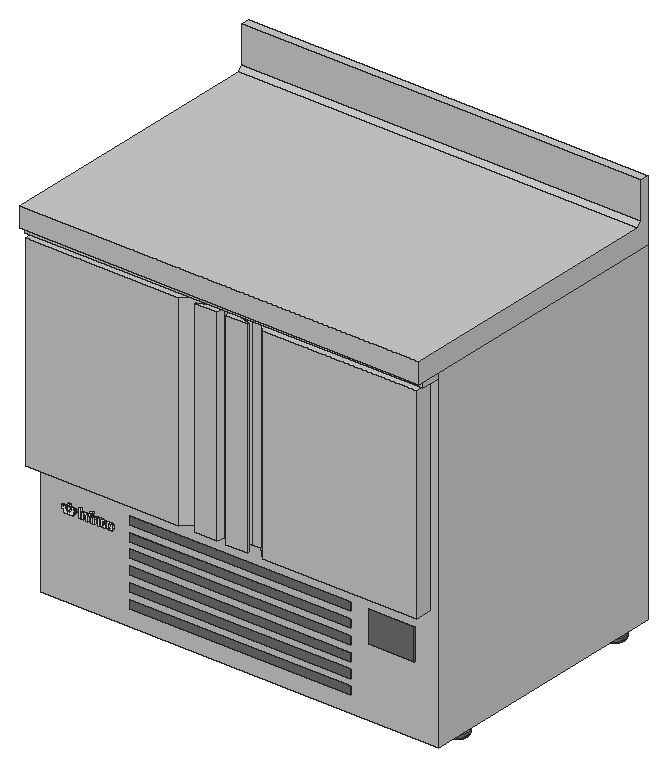
Revit family "QF_INFRICO_ME1000II_250812021229", category Specialty Equipment, Revit 2021
Family settings
  Round Connector Dimension = Use Diameter
  Part Type = Normal
  OmniClass Number = 23.40.40.14
  OmniClass Title = Food Service Equipment
  Work Plane-Based = No
  Always vertical = Yes
  Cut with Voids When Loaded = No
  Shared = No
  Room Calculation Point = No
Parameters (values of type "ME1000II-R290")
  Weight [instance] = 108.998 kg
  Waste Water Discharge Temperature [instance] = 0 °C
  Waste Remarks [instance] = ""
  Warranty Start Date [instance] = ""
  Warranty Duration [instance] = ""
  Volts [instance] = 230 V
  Volt Free Conn [instance] = no
  URL Recommended Spares List [instance] = ""
  URL Manufacturer [instance] = ""
  URL Cutsheet [instance] = ""
  URL Critical Spares List [instance] = ""
  URL = "www.infrico.com"
  Technical Documentation [instance] = ""
  Tag Number [instance] = ""
  Status [instance] = ""
  Start Up Current [instance] = 0 A
  Specification by User [instance] = ""
  Specification by Manufacturer [instance] = ""
  Sound Level [instance] = ""
  Show Logo [instance] = yes
  Show Clearances [instance] = yes
  Service Life Duration [instance] = ""
  Serial Number [instance] = ""
  Seismic Rating [instance] = ""
  SMACNA No [instance] = ""
  Revision Code [instance] = ""
  Revision [instance] = ""
  Production Year [instance] = ""
  Potential Equalisation [instance] = no
  Point Load [instance] = 0
  Plumbing Connection Type [instance] = ""
  Phase [instance] = 1
  Other Equipment Approvals [instance] = ""
  Operational Current [instance] = 0 A
  Number of Poles [instance] = 2
  No Load Power Draw [instance] = no
  NAFEM Spec ID Number [instance] = ""
  Model Warning [instance] = ""
  Model = "ME1000II"
  Min Ckt Ampacity [instance] = 0 A
  Max Overcurrent Protection [instance] = 0 A
  Masterspec [instance] = ""
  Manufacturer = "INFRICO"
  Main switch integrated [instance] = no
  Length Actual [instance] = 977.9 mm
  Item Number [instance] = ""
  Installed By [instance] = ""
  Installation Date [instance] = ""
  Indirect Waste Size [instance] = 19.05 mm
  Indirect Waste Remarks [instance] = ""
  Indirect Waste Flow [instance] = 0.0 L/s
  Indirect Waste Connection Type [instance] = ""
  Indirect Waste Connection Height [instance] = 0 mm
  Identify Quantity as Lot [instance] = no
  ID [instance] = ""
  Hygiene Approval [instance] = ""
  Height Actual [instance] = 884.936 mm
  HP power [instance] = ""
  Furnished By [instance] = ""
  Foodservice Equipment Identifier [instance] = no
  FL Amps [instance] = 0 A
  Electrical Remarks [instance] = ""
  Electric power [instance] = 320 W
  Electric Connection Type [instance] = ""
  Elec Conn RI Height [instance] = 0 mm
  Elec Conn Connection Height [instance] = 0 mm
  ETL Approved [instance] = no
  Direct Waste Water Discharge Temperature [instance] = -273.15 °C
  Direct Waste Size [instance] = 19.05 mm
  Direct Waste RI Height [instance] = 0 mm
  Direct Waste Flow [instance] = 0.0 L/s
  Direct Waste Connection Height [instance] = 0 mm
  Description = "GN1/1 SALAD PREP REFRIGERATOR TABLE 700 SERIES - R290 "
  Depth Actual [instance] = 700.024 mm
  Default Elevation = 0 mm
  Cycle [instance] = 50 Hz
  Cost = 0
  Connection to energy optimisation system [instance] = yes
  Conn Plug [instance] = ""
  Conn Conduit [instance] = no
  Centralized building control system with digital interface [instance] = ""
  CSI MasterFormat [instance] = ""
  CE Approved [instance] = no
  Barcode [instance] = 0
  Author [instance] = ""
  Asset Identifier [instance] = ""
  Apparent Power [instance] = 320 VA
  Accessory [instance] = no
Reference planes
  plane 1 "Center (Front/Back)": y = 0
  plane 2: z = 0
  plane 3 "Center (Left/Right)": x = 0
Forms (mm)
  Extrusion 1, solid, not visible
    sketch origin (487.024, -152.007, 302.015) x (1, 0, 0) y (0, 1, 0)
      loop
        line (-2, 2) -> (-2, -2) -> (2, -2) -> (2, 2) -> (-2, 2)
    from -2 to 2
  Extrusion 2, solid, not visible
    sketch origin (45.002, -152.007, 286.014) x (1, 0, 0) y (0, 1, 0)
      loop
        line (-2, 2) -> (-2, -2) -> (2, -2) -> (2, 2) -> (-2, 2)
    from -2 to 2
Dimensions and locks
  locked: Extrusion 1 to nested 2
  locked: nested 2 to Extrusion 1 at 2
  locked: Extrusion 2 to nested 3
  locked: nested 3 to Extrusion 2 at 2
  aligned and locked: level to plane 2
Nested families
  nested 1: "QF_INFRICO_ME1000II_2920" at (0, 0, 0), type "ME1000II-R290"
    with Weight 108.998 kg, Warranty Start Date "", Warranty Duration "", URL Cutsheet "", Technical Documentation "", Tag Number "", Status "", Specification by User "", Specification by Manufacturer "", Sound Level "", Solid Fuel Type "", Show Logo yes, Show Clearances yes, Show Clearance yes, Service Life Duration "", Serial Number "", Seismic Rating "", SMACNA No "", Revision Code "", Revision "", Production Year "", Point Load 0, Other Equipment Approvals "", NAFEM Spec ID Number "", Model Warning "", Masterspec "", Length Actual 977.9 mm, Item Number "", Installed By "", Installation Date "", Identify Quantity as Lot yes, ID "", Hygiene Approval "", Height Actual 884.936 mm, Furnished By "", Foodservice Equipment Identifier yes, ETL Approved yes, Depth Actual 700.024 mm, CSI MasterFormat "", CE Approved no, Barcode "", Author "", Asset Identifier "", Accessory no
  nested 2: "CONN_POINT_DRAIN_2D___Generic_Annotation" at (487.024, -150.007, 302.015), type "CONN_POINT_DRAIN_2D___Generic_Annotation"
    with Onboard connection annotation symbol visibility yes
  nested 3: "CONN_POINT_ELE_2D___Generic_Annotation" at (45.002, -150.007, 286.014), type "CONN_POINT_ELE_2D___Generic_Annotation"
    with Onboard connection annotation symbol visibility yes
  nested 4: "QF_INFRICO_ME_DOOR_SX_4498" at (10, -638, 324), type "ME_DOOR_SX"
    with Weight 0.00 kg, Warranty Start Date "", Warranty Duration "", URL Cutsheet "", Technical Documentation "", Tag Number "", Status "", Specification by User "", Specification by Manufacturer "", Sound Level "", Solid Fuel Type "", Show Logo yes, Show Clearances yes, Show Clearance yes, Service Life Duration "", Serial Number "", Seismic Rating "", SMACNA No "", Revision Code "", Revision "", Production Year "", Point Load 0, Other Equipment Approvals "", NAFEM Spec ID Number "", Model Warning "", Masterspec "", Length Actual 471.932 mm, Item Number "", Installed By "", Installation Date "", Identify Quantity as Lot yes, ID "", Hygiene Approval "", Height Actual 501.904 mm, Furnished By "", Foodservice Equipment Identifier yes, ETL Approved yes, Depth Actual 56.896 mm, CSI MasterFormat "", CE Approved no, Barcode "", Author "", Asset Identifier "", Accessory yes
  nested 5: "QF_INFRICO_ME_DOOR_DX_5276" at (496, -638, 324), type "ME_DOOR_DX"
    with Weight 0.00 kg, Warranty Start Date "", Warranty Duration "", URL Cutsheet "", Technical Documentation "", Tag Number "", Status "", Specification by User "", Specification by Manufacturer "", Sound Level "", Solid Fuel Type "", Show Logo yes, Show Clearances yes, Show Clearance yes, Service Life Duration "", Serial Number "", Seismic Rating "", SMACNA No "", Revision Code "", Revision "", Production Year "", Point Load 0, Other Equipment Approvals "", NAFEM Spec ID Number "", Model Warning "", Masterspec "", Length Actual 471.932 mm, Item Number "", Installed By "", Installation Date "", Identify Quantity as Lot yes, ID "", Hygiene Approval "", Height Actual 501.904 mm, Furnished By "", Foodservice Equipment Identifier yes, ETL Approved yes, Depth Actual 56.896 mm, CSI MasterFormat "", CE Approved no, Barcode "", Author "", Asset Identifier "", Accessory yes
  nested 6: "QF_INFRICO_WORKTOP_BACKSPLASH_6050" at (0, 0, 845), type "ENC12CPME10"
    with Weight 0.00 kg, Warranty Start Date "", Warranty Duration "", URL Cutsheet "", Technical Documentation "", Tag Number "", Status "", Specification by User "", Specification by Manufacturer "", Sound Level "", Solid Fuel Type "", Show Logo yes, Show Clearances yes, Show Clearance yes, Service Life Duration "", Serial Number "", Seismic Rating "", SMACNA No "", Revision Code "", Revision "", Production Year "", Point Load 0, Other Equipment Approvals "", NAFEM Spec ID Number "", Model Warning "", Masterspec "", Length Actual 977.9 mm, Item Number "", Installed By "", Installation Date "", Identify Quantity as Lot yes, ID "", Hygiene Approval "", Height Actual 150.114 mm, Furnished By "", Foodservice Equipment Identifier yes, ETL Approved yes, Depth Actual 700.024 mm, CSI MasterFormat "", CE Approved no, Barcode "", Author "", Asset Identifier "", Accessory yes
Connectors
  piping at (487.024, -150.007, 302.015), diameter 19.05, driven by "Indirect Waste Size", driven by "Direct Waste Flow"
    settings: on Extrusion 1, index 1, connector inside diameter 609.6 mm, connector length 0 mm, flow factor 0, pipe flow 0.0 L/s, pressure drop 0.0 Pa, fitting loss kfactor 0, connector angle 0.00°, fixture units 0, engagement length 0 mm, angle of deflection 0.00°, flow configuration 1, flow direction 2, fitting loss method 0, system type 16, joint type 0, gender type 0, connector reference index -1, connector utility 0, adjustable connector no, is connector primary yes, connector description "Waste connection for ME1000II"
  electrical at (45.002, -150.007, 286.014), driven by "Apparent Power", driven by "Number of Poles", driven by "Volts"
    settings: on Extrusion 2, index 2, voltage 230 V, apparent load 0 VA, apparent load phase1 320 VA, apparent load phase2 0 VA, apparent load phase3 0 VA, power factor 1, load classification "Other", number of poles 2, system type 31, power factor state 1, is connector primary yes, connector utility no, sub classification motor no, connector description "Electrical connection for ME1000II"
Definition of nested family "QF_INFRICO_ME1000II_2920"
  Parameters (values of type "ME1000II-R290")
    Weight [instance] = 0.00 kg
    Warranty Start Date [instance] = ""
    Warranty Duration [instance] = ""
    URL Cutsheet [instance] = ""
    URL = "www.infrico.com"
    Technical Documentation [instance] = ""
    Tag Number [instance] = ""
    Status [instance] = ""
    Specification by User [instance] = ""
    Specification by Manufacturer [instance] = ""
    Sound Level [instance] = ""
    Solid Fuel Type [instance] = ""
    Show Logo [instance] = yes
    Show Clearances [instance] = yes
    Show Clearance [instance] = yes
    Service Life Duration [instance] = ""
    Serial Number [instance] = ""
    Seismic Rating [instance] = ""
    SMACNA No [instance] = ""
    Revision Code [instance] = ""
    Revision [instance] = ""
    Production Year [instance] = ""
    Point Load [instance] = 0
    Other Equipment Approvals [instance] = ""
    NAFEM Spec ID Number [instance] = ""
    Model Warning [instance] = ""
    Model = "ME1000II"
    Masterspec [instance] = ""
    Manufacturer = "INFRICO"
    Length Actual [instance] = 0 mm
    Item Number [instance] = ""
    Installed By [instance] = ""
    Installation Date [instance] = ""
    Identify Quantity as Lot [instance] = yes
    ID [instance] = ""
    Hygiene Approval [instance] = ""
    Height Actual [instance] = 0 mm
    Furnished By [instance] = ""
    Foodservice Equipment Identifier [instance] = yes
    ETL Approved [instance] = yes
    Description = "GN1/1 SALAD PREP REFRIGERATOR TABLE 700 SERIES - R290"
    Depth Actual [instance] = 0 mm
    Default Elevation = 0 mm
    CSI MasterFormat [instance] = ""
    CE Approved [instance] = yes
    Barcode [instance] = ""
    Author [instance] = ""
    Asset Identifier [instance] = ""
    Assembly Code = "E1090320"
    Accessory [instance] = yes
  Types (2, lengths in mm): name | Description
    ME1000II | "GN1/1 SALAD PREP REFRIGERATOR TABLE 700 SERIES - R134A"
    ME1000II-R290 | "GN1/1 SALAD PREP REFRIGERATOR TABLE 700 SERIES - R290"
  Reference planes
    plane 1 "Back": y = 0
    plane 2: z = 0
    plane 3 "Left": x = 0
    plane 4 "Right": x = 978
    plane 5 "Front": y = -700
    plane 6 "Top": z = 845.01
  Forms (mm)
    Revolve 1, solid
      sketch origin (29, 0.5, 0) x (0, 1, 0) y (0, 0, 1)
        loop
          line (-65.51, 20.01) -> (-65.51, 0) -> (-45.51, 0)
          arc (-45.51, 0) -> (-41.974, 1.464) -> (-40.51, 5) r 5
          line (-40.51, 5) -> (-40.51, 10) -> (-50.51, 10) -> (-50.51, 15) -> (-60.51, 15) -> (-60.51, 20.01) -> (-65.51, 20.01)
        axis (-65.51, 20.01) -> (-65.51, 0)
      angle from 0 to 360
    Revolve 2, solid
      sketch origin (29, -479.5, 0) x (0, 1, 0) y (0, 0, 1)
        loop
          line (-65.51, 20.01) -> (-65.51, 0) -> (-45.51, 0)
          arc (-45.51, 0) -> (-41.974, 1.464) -> (-40.51, 5) r 5
          line (-40.51, 5) -> (-40.51, 10) -> (-50.51, 10) -> (-50.51, 15) -> (-60.51, 15) -> (-60.51, 20.01) -> (-65.51, 20.01)
        axis (-65.51, 20.01) -> (-65.51, 0)
      angle from 0 to 360
    Revolve 3, solid
      sketch origin (949, 0.5, 0) x (0, 1, 0) y (0, 0, 1)
        loop
          line (-65.51, 20.01) -> (-65.51, 0) -> (-45.51, 0)
          arc (-45.51, 0) -> (-41.974, 1.464) -> (-40.51, 5) r 5
          line (-40.51, 5) -> (-40.51, 10) -> (-50.51, 10) -> (-50.51, 15) -> (-60.51, 15) -> (-60.51, 20.01) -> (-65.51, 20.01)
        axis (-65.51, 20.01) -> (-65.51, 0)
      angle from 0 to 360
    Revolve 4, solid
      sketch origin (949, -479.5, 0) x (0, 1, 0) y (0, 0, 1)
        loop
          line (-65.51, 20.01) -> (-65.51, 0) -> (-45.51, 0)
          arc (-45.51, 0) -> (-41.974, 1.464) -> (-40.51, 5) r 5
          line (-40.51, 5) -> (-40.51, 10) -> (-50.51, 10) -> (-50.51, 15) -> (-60.51, 15) -> (-60.51, 20.01) -> (-65.51, 20.01)
        axis (-65.51, 20.01) -> (-65.51, 0)
      angle from 0 to 360
    Extrusion 5, solid
      sketch origin (-2000, -636.1, 1) x (1, 0, 0) y (0, 0, 1)
        loop
          line (2220, 263.01) -> (2220, 243.01) -> (2760, 243.01) -> (2760, 263.01) -> (2220, 263.01)
      from 0 to 2
    Extrusion 6, solid
      sketch origin (-2000, -636.1, -36) x (1, 0, 0) y (0, 0, 1)
        loop
          line (2220, 263.01) -> (2220, 243.01) -> (2760, 243.01) -> (2760, 263.01) -> (2220, 263.01)
      from 0 to 2
    Extrusion 7, solid
      sketch origin (-2000, -636.1, -73) x (1, 0, 0) y (0, 0, 1)
        loop
          line (2220, 263.01) -> (2220, 243.01) -> (2760, 243.01) -> (2760, 263.01) -> (2220, 263.01)
      from 0 to 2
    Extrusion 8, solid
      sketch origin (-2000, -636.1, -110) x (1, 0, 0) y (0, 0, 1)
        loop
          line (2220, 263.01) -> (2220, 243.01) -> (2760, 243.01) -> (2760, 263.01) -> (2220, 263.01)
      from 0 to 2
    Extrusion 9, solid
      sketch origin (-2000, -636.1, -147) x (1, 0, 0) y (0, 0, 1)
        loop
          line (2220, 263.01) -> (2220, 243.01) -> (2760, 243.01) -> (2760, 263.01) -> (2220, 263.01)
      from 0 to 2
    Extrusion 10, solid
      sketch origin (-2000, -636.1, -184) x (1, 0, 0) y (0, 0, 1)
        loop
          line (2220, 263.01) -> (2220, 243.01) -> (2760, 243.01) -> (2760, 263.01) -> (2220, 263.01)
      from 0 to 2
    Extrusion 11, solid
      sketch origin (-2000, -638, 1) x (1, 0, 0) y (0, 0, 1)
        loop
          line (2917.81, 187.81) -> (2917.81, 264.21) -> (2806.21, 264.21) -> (2806.21, 187.81) -> (2917.81, 187.81)
      from 0 to 2
    Extrusion 12, solid
      sketch origin (-2000, -1999.98, 1.1) x (0, 1, 0) y (0, 0, 1)
        loop
          line (1312.96, 842.41) -> (1312.96, 829.41) -> (1361.98, 829.41) -> (1361.98, 842.41) -> (1312.96, 842.41)
      from 2002 to 2976
    Extrusion 13, solid
      sketch origin (0, -140, 0) x (1, 0, 0) y (0, 0, 1)
        loop
          circle (45, 286) r 12.7
      from 0 to 10
    Extrusion 14, solid
      sketch origin (0, -140, 0) x (1, 0, 0) y (0, 0, 1)
        loop
          circle (487, 302) r 9.525
      from 0 to 10
    Extrusion 15, solid
      sketch origin (0, 0, 1) x (0, 1, 0) y (0, 0, 1)
        loop
          line (-638, 19.01) -> (0, 19.01) -> (0, 844.01) -> (-638, 844.01) -> (-638, 19.01)
      from 0 to 30
    Extrusion 16, solid
      sketch origin (978, 0, 1) x (0, 1, 0) y (0, 0, -1)
        loop
          line (-638, -19.01) -> (-638, -844.01) -> (0, -844.01) -> (0, -19.01) -> (-638, -19.01)
      from 0 to 30
    Extrusion 17, solid
      sketch origin (0, 0, 1) x (0, 1, 0) y (0, 0, 1)
        loop
          line (0, 844.01) -> (-30, 844.01) -> (-30, 349.01) -> (-180, 349.01) -> (-180, 49.01) -> (-608, 49.01) -> (-608, 19.01) -> (0, 19.01) -> (0, 49.01) -> (-150, 49.01) -> (-150, 319) -> (0, 319) -> (0, 844.01)
      from 30 to 948
    Extrusion 18, solid
      sketch origin (0, 0, 1) x (0, 1, 0) y (0, 0, 1)
        loop
          line (-638, 844.01) -> (-638, 19.01) -> (-608, 19.01) -> (-608, 844.01) -> (-638, 844.01)
      from 30 to 948
    Extrusion 19, void
      sketch origin (0, 0, -10) x (1, 0, 0) y (0, 0, 1)
        loop
          line (65, 390) -> (913, 390) -> (913, 790) -> (65, 790) -> (65, 390)
      from 608 to 638.1
    Extrusion 20, solid
      sketch origin (0, 0, -10) x (1, 0, 0) y (0, 0, 1)
        loop
          line (544, 390) -> (544, 790) -> (434, 790) -> (434, 390) -> (544, 390)
      from 628 to 638
    Extrusion 21, solid, visible <- "Show Logo"
      sketch origin (-1108.19, -638, -480.543) x (1, 0, 0) y (0, 0, 1)
        loop
          line (1208.799, 696.53) -> (1208.799, 719.204) -> (1204.173, 719.204) -> (1204.173, 696.53) -> (1208.799, 696.53)
        loop
          line (1214.779, 713.006) -> (1211.283, 713.006) -> (1211.283, 696.53) -> (1215.772, 696.53) -> (1215.772, 707.832)
          arc (1215.772, 707.832) -> (1217.528, 708.741) -> (1219.417, 709.324) r 11.052
          arc (1219.417, 709.324) -> (1220.929, 708.961) -> (1221.598, 707.557) r 1.806
          line (1221.598, 707.557) -> (1221.598, 696.53) -> (1226.121, 696.53) -> (1226.121, 708.689)
          arc (1226.121, 708.689) -> (1224.637, 712.075) -> (1221.141, 713.281) r 4.607
          arc (1221.141, 713.281) -> (1218.282, 712.674) -> (1215.669, 711.361) r 11.435
          line (1215.669, 711.361) -> (1215.601, 712.184)
          arc (1215.601, 712.184) -> (1215.36, 712.765) -> (1214.779, 713.006) r 0.822
        loop
          line (1238.557, 720.102) -> (1237.306, 720.102)
          arc (1237.306, 720.102) -> (1235.052, 719.926) -> (1232.881, 719.297) r 11.103
          arc (1232.881, 719.297) -> (1230.805, 717.616) -> (1230.024, 715.062) r 4.567
          line (1230.024, 715.062) -> (1230.024, 712.909) -> (1227.351, 712.703) -> (1227.351, 709.374) -> (1230.024, 709.374) -> (1230.024, 696.53) -> (1234.547, 696.53) -> (1234.547, 709.374) -> (1238.249, 709.374) -> (1238.249, 712.938) -> (1234.547, 712.938) -> (1234.547, 714.548)
          arc (1234.547, 714.548) -> (1234.956, 715.705) -> (1236.045, 716.271) r 1.67
          line (1236.045, 716.271) -> (1237.7, 716.399)
          arc (1237.7, 716.399) -> (1238.306, 716.65) -> (1238.557, 717.255) r 0.857
          line (1238.557, 717.255) -> (1238.557, 720.102)
        loop
          line (1239.479, 713.006) -> (1239.479, 696.53) -> (1243.968, 696.53) -> (1243.968, 707.352)
          arc (1243.968, 707.352) -> (1245.873, 708.631) -> (1248.077, 709.268) r 7.435
          line (1248.077, 709.268) -> (1249.241, 709.416)
          arc (1249.241, 709.416) -> (1249.643, 709.758) -> (1249.793, 710.265) r 0.928
          line (1249.793, 710.265) -> (1249.793, 712.458)
          arc (1249.793, 712.458) -> (1249.531, 713.061) -> (1248.912, 713.28) r 0.824
          arc (1248.912, 713.28) -> (1246.197, 712.588) -> (1243.899, 710.984) r 7.833
          line (1243.899, 710.984) -> (1243.726, 713.006) -> (1239.479, 713.006)
        loop
          line (1255.495, 696.53) -> (1255.495, 713.006) -> (1251.006, 713.006) -> (1251.006, 696.53) -> (1255.495, 696.53)
        loop
          arc (1257.421, 701.327) -> (1258.567, 698.188) -> (1261.466, 696.525) r 4.873
          arc (1261.466, 696.525) -> (1264.493, 696.266) -> (1267.521, 696.525) r 17.816
          arc (1267.521, 696.525) -> (1270.575, 699.134) -> (1271.505, 703.041) r 6.481
          line (1271.505, 703.041) -> (1267.187, 703.041) -> (1267.187, 701.67)
          arc (1267.187, 701.67) -> (1266.64, 700.452) -> (1265.442, 699.865) r 1.965
          arc (1265.442, 699.865) -> (1264.547, 699.816) -> (1263.653, 699.865) r 8.196
          arc (1263.653, 699.865) -> (1262.417, 700.415) -> (1261.91, 701.67) r 1.806
          line (1261.91, 701.67) -> (1261.91, 707.9)
          arc (1261.91, 707.9) -> (1262.417, 709.155) -> (1263.653, 709.705) r 1.806
          arc (1263.653, 709.705) -> (1264.547, 709.754) -> (1265.442, 709.705) r 8.196
          arc (1265.442, 709.705) -> (1266.64, 709.118) -> (1267.187, 707.9) r 1.965
          line (1267.187, 707.9) -> (1267.187, 706.838) -> (1271.505, 706.838)
          arc (1271.505, 706.838) -> (1270.524, 710.556) -> (1267.521, 712.959) r 6.132
          arc (1267.521, 712.959) -> (1264.493, 713.294) -> (1261.466, 712.959) r 13.851
          arc (1261.466, 712.959) -> (1258.571, 711.349) -> (1257.421, 708.243) r 4.772
          line (1257.421, 708.243) -> (1257.421, 701.327)
        loop
          arc (1272.916, 701.329) -> (1273.993, 698.345) -> (1276.726, 696.734) r 4.676
          arc (1276.726, 696.734) -> (1278.515, 696.455) -> (1280.318, 696.291) r 28.371
          arc (1280.318, 696.291) -> (1282.122, 696.455) -> (1283.911, 696.734) r 28.371
          arc (1283.911, 696.734) -> (1286.644, 698.345) -> (1287.72, 701.329) r 4.676
          line (1287.72, 701.329) -> (1287.72, 708.242)
          arc (1287.72, 708.242) -> (1286.644, 711.226) -> (1283.911, 712.837) r 4.676
          arc (1283.911, 712.837) -> (1282.122, 713.116) -> (1280.318, 713.28) r 28.371
          arc (1280.318, 713.28) -> (1278.515, 713.116) -> (1276.726, 712.837) r 28.371
          arc (1276.726, 712.837) -> (1273.993, 711.226) -> (1272.916, 708.242) r 4.676
          line (1272.916, 708.242) -> (1272.916, 701.329)
        loop
          line (1277.405, 707.866) -> (1277.405, 701.705)
          arc (1277.405, 701.705) -> (1277.844, 700.556) -> (1278.936, 699.991) r 1.725
          arc (1278.936, 699.991) -> (1279.627, 699.918) -> (1280.318, 699.856) r 46.133
          arc (1280.318, 699.856) -> (1281.01, 699.918) -> (1281.701, 699.991) r 46.133
          arc (1281.701, 699.991) -> (1282.793, 700.556) -> (1283.231, 701.705) r 1.725
          line (1283.231, 701.705) -> (1283.231, 707.866)
          arc (1283.231, 707.866) -> (1282.793, 709.015) -> (1281.701, 709.58) r 1.725
          arc (1281.701, 709.58) -> (1281.01, 709.653) -> (1280.318, 709.716) r 46.133
          arc (1280.318, 709.716) -> (1279.627, 709.653) -> (1278.936, 709.58) r 46.133
          arc (1278.936, 709.58) -> (1277.844, 709.015) -> (1277.405, 707.866) r 1.725
        loop
          arc (1190.339, 696.543) -> (1191.411, 696.987) -> (1191.856, 698.059) r 1.516
          line (1191.856, 698.059) -> (1191.856, 703.891) -> (1196.035, 703.891)
          arc (1196.035, 703.891) -> (1196.79, 704.121) -> (1197.218, 704.782) r 1.147
          line (1197.218, 704.782) -> (1197.218, 706.211)
          arc (1197.218, 706.211) -> (1196.787, 707.258) -> (1195.719, 707.634) r 1.385
          line (1195.719, 707.634) -> (1194.52, 707.634) -> (1197.218, 710.332)
          arc (1197.218, 710.332) -> (1197.605, 711.266) -> (1197.218, 712.2) r 1.321
          line (1197.218, 712.2) -> (1196.495, 712.923)
          arc (1196.495, 712.923) -> (1195.54, 713.338) -> (1194.558, 712.991) r 1.422
          line (1194.558, 712.991) -> (1191.853, 710.286) -> (1191.853, 711.479)
          arc (1191.853, 711.479) -> (1191.443, 712.516) -> (1190.435, 712.992) r 1.516
          line (1190.435, 712.992) -> (1189.514, 712.992)
          arc (1189.514, 712.992) -> (1188.511, 712.514) -> (1188.103, 711.479) r 1.516
          line (1188.103, 711.479) -> (1188.103, 706.83) -> (1182.073, 701.336) -> (1182.073, 707.509) -> (1185.639, 711.075)
          arc (1185.639, 711.075) -> (1186.053, 712.073) -> (1185.639, 713.071) r 1.412
          line (1185.639, 713.071) -> (1184.987, 713.723)
          arc (1184.987, 713.723) -> (1183.939, 714.141) -> (1182.915, 713.667) r 1.428
          line (1182.915, 713.667) -> (1182.073, 712.825) -> (1182.073, 717.784)
          arc (1182.073, 717.784) -> (1181.658, 718.787) -> (1180.655, 719.203) r 1.418
          line (1180.655, 719.203) -> (1179.726, 719.203)
          arc (1179.726, 719.203) -> (1178.723, 718.787) -> (1178.308, 717.784) r 1.418
          line (1178.308, 717.784) -> (1178.308, 712.825) -> (1177.466, 713.667)
          arc (1177.466, 713.667) -> (1176.442, 714.141) -> (1175.394, 713.723) r 1.428
          line (1175.394, 713.723) -> (1174.742, 713.071)
          arc (1174.742, 713.071) -> (1174.328, 712.073) -> (1174.742, 711.075) r 1.412
          line (1174.742, 711.075) -> (1178.308, 707.509) -> (1178.308, 701.336) -> (1172.278, 706.83) -> (1172.278, 711.479)
          arc (1172.278, 711.479) -> (1171.87, 712.514) -> (1170.867, 712.992) r 1.516
          line (1170.867, 712.992) -> (1169.946, 712.992)
          arc (1169.946, 712.992) -> (1168.938, 712.516) -> (1168.528, 711.479) r 1.516
          line (1168.528, 711.479) -> (1168.528, 710.286) -> (1165.823, 712.991)
          arc (1165.823, 712.991) -> (1164.841, 713.338) -> (1163.886, 712.923) r 1.422
          line (1163.886, 712.923) -> (1163.163, 712.2)
          arc (1163.163, 712.2) -> (1162.776, 711.266) -> (1163.163, 710.332) r 1.321
          line (1163.163, 710.332) -> (1165.861, 707.634) -> (1164.662, 707.634)
          arc (1164.662, 707.634) -> (1163.594, 707.258) -> (1163.163, 706.211) r 1.385
          line (1163.163, 706.211) -> (1163.163, 704.782)
          arc (1163.163, 704.782) -> (1163.591, 704.121) -> (1164.346, 703.891) r 1.147
          line (1164.346, 703.891) -> (1168.525, 703.891) -> (1168.525, 698.059)
          arc (1168.525, 698.059) -> (1168.969, 696.987) -> (1170.042, 696.543) r 1.516
          line (1170.042, 696.543) -> (1190.339, 696.543)
      from 0 to 2
  Cuts and joins
    Extrusion 19 cuts Extrusion 18
    joined: Extrusion 15, Extrusion 16, Extrusion 17, Extrusion 18
  Lines and regions (mm)
    symbolic lines
      curve 1: line (978, 0, 0) -> (0, 0, 0)
      curve 2: line (978, -700, 0) -> (978, 0, 0)
      curve 3: line (0, 0, 0) -> (0, -700, 0)
      curve 4: line (0, -700, 0) -> (978, -700, 0)
  Dimensions and locks
    plane 1 "Back" to plane 5 "Front" = 700 mm  (x2)
    plane 6 "Top" to level = 845.01 mm  (x2)
    plane 4 "Right" to plane 3 "Left" = 978 mm
    plane 3 "Left" to plane 4 "Right" = 978 mm
    aligned and locked: level to plane 2
  Connectors
    electrical at (45, -140, 286)
      settings: on Extrusion 13, index 1, voltage 0 V, apparent load 0 VA, apparent load phase1 0 VA, apparent load phase2 0 VA, apparent load phase3 0 VA, power factor 1, load classification none, number of poles 1, system type 31, power factor state 1, is connector primary yes, connector utility no, sub classification motor no, connector description "Electrical connection"
    piping at (487, -140, 302), diameter 19.1
      settings: on Extrusion 14, index 2, connector inside diameter 609.6 mm, connector length 0 mm, flow factor 0, pipe flow 0.0 L/s, pressure drop 0.0 Pa, fitting loss kfactor 0, connector angle 0.00°, fixture units 0, engagement length 0 mm, angle of deflection 0.00°, flow configuration 1, flow direction 1, fitting loss method 0, system type 16, joint type 0, gender type 0, connector reference index -1, connector utility 0, adjustable connector no, is connector primary yes, connector description "Drain connection"
Definition of nested family "QF_INFRICO_ME_DOOR_SX_4498"
  Parameters (values of type "ME_DOOR_SX")
    Weight [instance] = 0.00 kg
    Warranty Start Date [instance] = ""
    Warranty Duration [instance] = ""
    URL Cutsheet [instance] = ""
    URL = "www.infrico.com"
    Technical Documentation [instance] = ""
    Tag Number [instance] = ""
    Status [instance] = ""
    Specification by User [instance] = ""
    Specification by Manufacturer [instance] = ""
    Sound Level [instance] = ""
    Solid Fuel Type [instance] = ""
    Show Logo [instance] = yes
    Show Clearances [instance] = yes
    Show Clearance [instance] = yes
    Service Life Duration [instance] = ""
    Serial Number [instance] = ""
    Seismic Rating [instance] = ""
    SMACNA No [instance] = ""
    Revision Code [instance] = ""
    Revision [instance] = ""
    Production Year [instance] = ""
    Point Load [instance] = 0
    Other Equipment Approvals [instance] = ""
    NAFEM Spec ID Number [instance] = ""
    Model Warning [instance] = ""
    Model = "ME_DOOR_SX"
    Masterspec [instance] = ""
    Manufacturer = "INFRICO"
    Length Actual [instance] = 0 mm
    Item Number [instance] = ""
    Installed By [instance] = ""
    Installation Date [instance] = ""
    Identify Quantity as Lot [instance] = yes
    ID [instance] = ""
    Hygiene Approval [instance] = ""
    Height Actual [instance] = 0 mm
    Furnished By [instance] = ""
    Foodservice Equipment Identifier [instance] = yes
    ETL Approved [instance] = yes
    Description = "LEFT DOOR"
    Depth Actual [instance] = 0 mm
    Default Elevation = 0 mm
    CSI MasterFormat [instance] = ""
    CE Approved [instance] = yes
    Barcode [instance] = ""
    Author [instance] = ""
    Asset Identifier [instance] = ""
    Assembly Code = "E1090320"
    Accessory [instance] = yes
  Reference planes
    plane 1 "Back": y = 0
    plane 2: z = 0
    plane 3 "Left": x = 0
    plane 4 "Right": x = 472
    plane 5 "Front": y = -57
    plane 6 "Top": z = 502
  Forms (mm)
    Extrusion 1, solid
      sketch origin (2981.326, 637.02, -168.61) x (-1, 0, 0) y (0, -1, 0)
        loop
          line (2605.426, 694.02) -> (2575.356, 663.95) -> (2552.604, 663.95) -> (2541.663, 666.881)
          arc (2541.663, 666.881) -> (2540.582, 667.631) -> (2540.222, 668.896) r 1.95
          line (2540.222, 668.896) -> (2540.566, 678.741)
          arc (2540.566, 678.741) -> (2540.774, 679.563) -> (2541.304, 680.224) r 2.001
          line (2541.304, 680.224) -> (2566.566, 690.947) -> (2566.566, 694.02) -> (2514.259, 694.02) -> (2509.326, 675.612) -> (2509.326, 654.02) -> (2981.326, 654.02) -> (2981.326, 694.02) -> (2605.426, 694.02)
      from 168.61 to 670.61
    Extrusion 2, solid
      sketch origin (0, 0, 0) x (1, 0, 0) y (0, 0, 1)
        loop
          line (457, 487) -> (15, 487) -> (15, 15) -> (457, 15) -> (457, 487)
        loop
          line (45, 457) -> (45, 45) -> (427, 45) -> (427, 457) -> (45, 457)
      from 0 to 17
    Extrusion 3, solid, detail levels coarse
      sketch origin (0, 0, 0) x (1, 0, 0) y (0, 1, 0)
        loop
          line (472, -57) -> (0, -57) -> (0, -472) -> (57, -472)
          arc (57, -472) -> (350.449, -350.449) -> (472, -57) r 415
      from 0 to 502
  Lines and regions (mm)
    symbolic lines
      curve 1: line (0, -62, 0) -> (0, -472, 0)
      curve 2: line (0, -472, 0) -> (57, -472, 0)
      curve 3: arc (57, -472, 0) -> (348.676, -352.212, 0) -> (471.97, -62, 0) r 415
  Dimensions and locks
    plane 4 "Right" to plane 3 "Left" = 472 mm
    plane 6 "Top" to level = 502 mm  (x2)
    plane 1 "Back" to plane 5 "Front" = 57 mm  (x2)
    plane 3 "Left" to plane 4 "Right" = 472 mm
    aligned and locked: level to plane 2
Definition of nested family "QF_INFRICO_ME_DOOR_DX_5276"
  Parameters (values of type "ME_DOOR_DX")
    Weight [instance] = 0.00 kg
    Warranty Start Date [instance] = ""
    Warranty Duration [instance] = ""
    URL Cutsheet [instance] = ""
    URL = "www.infrico.com"
    Technical Documentation [instance] = ""
    Tag Number [instance] = ""
    Status [instance] = ""
    Specification by User [instance] = ""
    Specification by Manufacturer [instance] = ""
    Sound Level [instance] = ""
    Solid Fuel Type [instance] = ""
    Show Logo [instance] = yes
    Show Clearances [instance] = yes
    Show Clearance [instance] = yes
    Service Life Duration [instance] = ""
    Serial Number [instance] = ""
    Seismic Rating [instance] = ""
    SMACNA No [instance] = ""
    Revision Code [instance] = ""
    Revision [instance] = ""
    Production Year [instance] = ""
    Point Load [instance] = 0
    Other Equipment Approvals [instance] = ""
    NAFEM Spec ID Number [instance] = ""
    Model Warning [instance] = ""
    Model = "ME_DOOR_DX"
    Masterspec [instance] = ""
    Manufacturer = "INFRICO"
    Length Actual [instance] = 0 mm
    Item Number [instance] = ""
    Installed By [instance] = ""
    Installation Date [instance] = ""
    Identify Quantity as Lot [instance] = yes
    ID [instance] = ""
    Hygiene Approval [instance] = ""
    Height Actual [instance] = 0 mm
    Furnished By [instance] = ""
    Foodservice Equipment Identifier [instance] = yes
    ETL Approved [instance] = yes
    Description = "RIGHT DOOR"
    Depth Actual [instance] = 0 mm
    Default Elevation = 0 mm
    CSI MasterFormat [instance] = ""
    CE Approved [instance] = yes
    Barcode [instance] = ""
    Author [instance] = ""
    Asset Identifier [instance] = ""
    Assembly Code = "E1090320"
    Accessory [instance] = yes
  Reference planes
    plane 1 "Back": y = 0
    plane 2: z = 0
    plane 3 "Left": x = 0
    plane 4 "Right": x = 472
    plane 5 "Front": y = -57
    plane 6 "Top": z = 502
  Forms (mm)
    Extrusion 1, solid
      sketch origin (-2509.326, 637.02, -168.61) x (1, 0, 0) y (0, 1, 0)
        loop
          line (2605.426, -694.02) -> (2981.326, -694.02) -> (2981.326, -654.02) -> (2509.326, -654.02) -> (2509.326, -675.612) -> (2514.259, -694.02) -> (2566.566, -694.02) -> (2566.566, -690.947) -> (2541.304, -680.224)
          arc (2541.304, -680.224) -> (2540.774, -679.563) -> (2540.566, -678.741) r 2.001
          line (2540.566, -678.741) -> (2540.222, -668.896)
          arc (2540.222, -668.896) -> (2540.582, -667.631) -> (2541.663, -666.881) r 1.95
          line (2541.663, -666.881) -> (2552.604, -663.95) -> (2575.356, -663.95) -> (2605.426, -694.02)
      from 168.61 to 670.61
    Extrusion 2, solid
      sketch origin (472, 0, 0) x (-1, 0, 0) y (0, 0, -1)
        loop
          line (457, -487) -> (457, -15) -> (15, -15) -> (15, -487) -> (457, -487)
        loop
          line (45, -457) -> (427, -457) -> (427, -45) -> (45, -45) -> (45, -457)
      from 0 to 17
    Extrusion 3, solid, detail levels coarse
      sketch origin (472, 0, 0) x (-1, 0, 0) y (0, -1, 0)
        loop
          arc (472, 57) -> (350.449, 350.449) -> (57, 472) r 415
          line (57, 472) -> (0, 472) -> (0, 57) -> (472, 57)
      from 0 to 502
  Lines and regions (mm)
    symbolic lines
      curve 1: line (472, -62, 0) -> (472, -472, 0)
      curve 2: line (472, -472, 0) -> (415, -472, 0)
      curve 3: arc (415, -472, 0) -> (123.324, -352.212, 0) -> (0.03, -62, 0) r 415
  Dimensions and locks
    plane 4 "Right" to plane 3 "Left" = 472 mm
    plane 6 "Top" to level = 502 mm  (x2)
    plane 1 "Back" to plane 5 "Front" = 57 mm  (x2)
    plane 3 "Left" to plane 4 "Right" = 472 mm
    aligned and locked: level to plane 2
Definition of nested family "QF_INFRICO_WORKTOP_BACKSPLASH_6050"
  Parameters (values of type "ENC12CPMC10")
    Weight [instance] = 0.00 kg
    Warranty Start Date [instance] = ""
    Warranty Duration [instance] = ""
    URL Cutsheet [instance] = ""
    URL = "www.infrico.com"
    Technical Documentation [instance] = ""
    Tag Number [instance] = ""
    Status [instance] = ""
    Specification by User [instance] = ""
    Specification by Manufacturer [instance] = ""
    Sound Level [instance] = ""
    Solid Fuel Type [instance] = ""
    Show Logo [instance] = yes
    Show Clearances [instance] = yes
    Show Clearance [instance] = yes
    Service Life Duration [instance] = ""
    Serial Number [instance] = ""
    Seismic Rating [instance] = ""
    SMACNA No [instance] = ""
    Revision Code [instance] = ""
    Revision [instance] = ""
    Production Year [instance] = ""
    Point Load [instance] = 0
    Other Equipment Approvals [instance] = ""
    NAFEM Spec ID Number [instance] = ""
    Model Warning [instance] = ""
    Model = "ENC12CPGN19"
    Masterspec [instance] = ""
    Manufacturer = "INFRICO"
    Length Actual [instance] = 0 mm
    Length = 1000 mm
    Item Number [instance] = ""
    Installed By [instance] = ""
    Installation Date [instance] = ""
    Identify Quantity as Lot [instance] = yes
    ID [instance] = ""
    Hygiene Approval [instance] = ""
    Height Actual [instance] = 0 mm
    Furnished By [instance] = ""
    Foodservice Equipment Identifier [instance] = yes
    ETL Approved [instance] = yes
    Description = "WORKTOP WITH BACKSPLASH"
    Depth Actual [instance] = 0 mm
    Depth = 600 mm
    Default Elevation = 0 mm
    CSI MasterFormat [instance] = ""
    CE Approved [instance] = yes
    Barcode [instance] = ""
    Author [instance] = ""
    Asset Identifier [instance] = ""
    Assembly Code = "E1090320"
    Accessory [instance] = yes
  Types (30, lengths in mm): name | Model | Length | Description | Depth
    ENC12CPGN19 | "ENC12CPGN19" | 1960 | "WORKTOP WITH BACKSPLASH" | 700
    ENC12CPGN14 | "ENC12CPGN14" | 1468 | "WORKTOP WITH BACKSPLASH" | 700
    ENC12CPGN24 | "ENC12CPGN24" | 2452 | "WORKTOP WITH BACKSPLASH" | 700
    ENC12CPGN14R | "ENC12CPGN14R" | 1160 | "WORKTOP WITH BACKSPLASH" | 700
    ENC12CPGN19R | "ENC12CPGN19R" | 1652 | "WORKTOP WITH BACKSPLASH" | 700
    ENC12CPGN24R | "ENC12CPGN24R" | 2144 | "WORKTOP WITH BACKSPLASH" | 700
    ENC12CPBM20 | "ENC12CPBM20" | 1960 | "WORKTOP WITH BACKSPLASH" | 600
    ENC12CPBM15 | "ENC12CPBM15" | 1468 | "WORKTOP WITH BACKSPLASH" | 600
    ENC12CPBM25 | "ENC12CPBM25" | 2452 | "WORKTOP WITH BACKSPLASH" | 600
    ENC12CPBM15R | "ENC12CPBM15R" | 1160 | "WORKTOP WITH BACKSPLASH" | 600
    ENC12CPBM20R | "ENC12CPBM20R" | 1652 | "WORKTOP WITH BACKSPLASH" | 600
    ENC12CPBM25R | "ENC12CPBM25R" | 2144 | "WORKTOP WITH BACKSPLASH" | 600
    ENC12CPME10 | "ENC12CPME10" | 978 | "WORKTOP WITH BACKSPLASH" | 700
    ENC12CPME14 | "ENC12CPME14" | 1460 | "WORKTOP WITH BACKSPLASH" | 700
    ENC12CPMC8 | "ENC12CPGN19" | 820 | "WORKTOP WITH BACKSPLASH" | 600
    ENC12CPMC10 | "ENC12CPGN19" | 1000 | "WORKTOP WITH BACKSPLASH" | 600
    ENC12CPMC15 | "ENC12CPGN19" | 1468 | "WORKTOP WITH BACKSPLASH" | 600
    BKSP10_30 | "BKSP10_30" | 1000 | "WORKTOP WITH BACKSPLASH 1000_300" | 300
    BKSP15_60 | "BKSP15_60" | 1468 | "WORKTOP WITH BACKSPLASH 1500_600" | 600
    BKSP15_30 | "BKSP15_30" | 1468 | "WORKTOP WITH BACKSPLASH 1500_300" | 300
    BKSP20_30 | "BKSP20_30" | 1960 | "WORKTOP WITH BACKSPLASH 2000_300" | 300
    BKSP20_60 | "BKSP20_60" | 1960 | "WORKTOP WITH BACKSPLASH 2000_600" | 600
    BKSP10_60 | "BKSP10_60" | 1000 | "WORKTOP WITH BACKSPLASH 1000_600" | 600
    BKSP10_70_MT | "BKSP10_70_MT" | 1000 | "WORKTOP WITH BACKSPLASH 1000_700" | 700
    BKSP15_60_MT | "BKSP15_60_MT" | 1500 | "WORKTOP WITH BACKSPLASH 1500_600" | 600
    BKSP15_70_MT | "BKSP15_70_MT" | 1500 | "WORKTOP WITH BACKSPLASH 1500_700" | 700
    BKSP20_60_MT | "BKSP20_60_MT" | 2000 | "WORKTOP WITH BACKSPLASH 2000_600" | 600
    BKSP20_70_MT | "BKSP20_70_MT" | 2000 | "WORKTOP WITH BACKSPLASH 2000_700" | 700
    BKSP25_30 | "BKSP25_30" | 2452 | "WORKTOP WITH BACKSPLASH 2500_300" | 300
    BKSP25_60 | "BKSP25_60" | 2452 | "WORKTOP WITH BACKSPLASH 2500_600" | 600
  Reference planes
    plane 1 "Back": y = 0
    plane 2: z = 0
    plane 3 "Left": x = 0
    plane 4 "Right": x = 1000
    plane 5 "Front": y = -600
    plane 6 "Top": z = 150.03
  Forms (mm)
    Extrusion 1, solid
      sketch origin (0, 0, -660) x (0, 1, 0) y (0, 0, 1)
        loop
          line (0, 660) -> (0, 810.03) -> (-20, 810.03) -> (-20, 720.071) -> (-30.071, 710) -> (-600, 710) -> (-600, 660) -> (0, 660)
      from 0 to 1000
  Lines and regions (mm)
    symbolic lines
      curve 1: line (0, -600, 0) -> (1000, -600, 0)
      curve 2: line (0, 0, 0) -> (0, -600, 0)
      curve 3: line (1000, -600, 0) -> (1000, 0, 0)
      curve 4: line (1000, 0, 0) -> (0, 0, 0)
      curve 5: line (0, -20, 0) -> (1000, -20, 0)
  Dimensions and locks
    plane 6 "Top" to level = 150.03 mm
    plane 4 "Right" to plane 3 "Left" = 1000 mm
    "Length": plane 3 "Left" to plane 4 "Right"
    "Depth": plane 5 "Front" to plane 1 "Back"
    aligned and locked: level to plane 2
    aligned and locked: Extrusion 1 to plane 4 "Right"
  Automatic sketch dimensions
    curve 1 to plane 3 "Left" = 0 mm
    plane 1 "Back" to curve 4 = 0 mm
    curve 4 to plane 4 "Right" = 0 mm
    curve 1 to plane 5 "Front" = 0 mm
    plane 1 "Back" to curve 5 = 20 mm
    Extrusion 1 sketch curve to level = 0 mm
    Extrusion 1 sketch curve to plane 5 "Front" = 0 mm
    Extrusion 1 sketch curve to plane 6 "Top" = 0 mm
    Extrusion 1 sketch curve to plane 1 "Back" = 0 mm
    plane 1 "Back" to Extrusion 1 sketch curve = 30.071 mm
    Extrusion 1 sketch curve to Extrusion 1 sketch curve = 10.071 mm  (x2)
    level to Extrusion 1 sketch curve = 50 mm
Definition of nested family "CONN_POINT_DRAIN_2D___Generic_Annotation"
  Parameters (values of type "CONN_POINT_DRAIN_2D___Generic_Annotation")
    Onboard connection annotation symbol visibility [instance] = yes
  Reference planes
    plane 1: y = 0
    plane 2: x = 0
  Lines and regions (mm)
    detail lines, visible <- "Onboard connection annotation symbol visibility"
      curve 1: circle (0, 0, 0) r 0.5 normal (0, 0, 1)
      curve 2: line (-1, 0, 0) -> (1, 0, 0)
      curve 3: line (0, 1, 0) -> (0, -1, 0)
      curve 4: line (1.776, 1, 0) -> (1.25, 1, 0)
      curve 5: line (1.25, 1, 0) -> (1.25, -1, 0)
      curve 6: line (1.25, -1, 0) -> (1.776, -1, 0)
      curve 7: arc (2.206, -0.862, 0) -> (2.459, -0.589, 0) -> (2.583, -0.238, 0) r 0.918
      curve 8: arc (2.583, 0.238, 0) -> (2.459, 0.589, 0) -> (2.206, 0.862, 0) r 0.918
      curve 9: arc (2.583, -0.238, 0) -> (2.599, 0, 0) -> (2.583, 0.238, 0) r 1.77
      curve 10: arc (2.206, 0.862, 0) -> (2.002, 0.965, 0) -> (1.776, 1, 0) r 0.741
      curve 11: arc (1.776, -1, 0) -> (2.002, -0.965, 0) -> (2.206, -0.862, 0) r 0.741
Definition of nested family "CONN_POINT_ELE_2D___Generic_Annotation"
  Parameters (values of type "CONN_POINT_ELE_2D___Generic_Annotation")
    Onboard connection annotation symbol visibility [instance] = yes
  Reference planes
    plane 1: y = 0
    plane 2: x = 0
  Lines and regions (mm)
    detail lines, visible <- "Onboard connection annotation symbol visibility"
      curve 1: circle (0, 0, 0) r 0.5 normal (0, 0, 1)
      curve 2: line (-1, 0, 0) -> (1, 0, 0)
      curve 3: line (0, 1, 0) -> (0, -1, 0)
      curve 4: line (2.5, 1, 0) -> (1.25, 1, 0)
      curve 5: line (1.25, 1, 0) -> (1.25, -1, 0)
      curve 6: line (1.25, -1, 0) -> (2.5, -1, 0)
      curve 7: line (1.25, 0, 0) -> (2, 0, 0)
